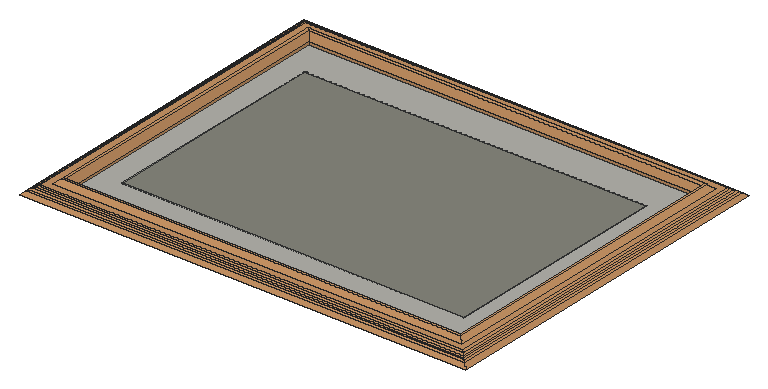
Revit family "00e7d020-5f29-47d1-b6b5-b1afe3fbaff5", category Furniture, host Face, Revit 2016
Family settings
  Host = Face
  OmniClass Number = 23.40.95.00
  OmniClass Title = Furnishings, Ornaments, and Decoration
  Cut with Voids When Loaded = No
  Shared = No
  Room Calculation Point = No
Parameters (values of type "31" x 39"")
  Width = 39"
  URL = "http://besafeprod.com/"
  Type Image = <None>
  Type Comments = ""
  Product Page URL = "http://besafeprod.com/product-catalog/art-frames"
  Product Documentation Link = "http://besafeprod.com/images/art-fram_profile.jpg"
  Notes = "Images include watermark. For clean images, contact Behavorial Safety Products"  # constant formula
  Model = "AF550"  # constant formula
  Mat Finish = Paper-BSP-White Mat
  Manufacturer = "Behavioral Safety Products"  # constant formula
  Keynote = ""
  Image Width = 30"
  Image Height = 20"
  Height = 31"
  Front Protection Finish = Polycarbonate-BSP-Clear
  Frame Finish = Wood-BSP-Cherry
  Description = "Ligature Resistant Art Frame"  # constant formula
  Depth = 1 1/8"  # constant formula
  Default Elevation = 54"
  Assembly Code = ""
  Art Selection = Image-41 : 20x30
  Art Note = "Frame 37x31 uses 16x20 Image, Frame 31x39 uses 20x30 Image, Frame 35x45 uses 24x36 Image"  # constant formula
Types (4): name | Width | Image Width | Image Height | Height | Art Selection
  (no name) | 45" | 36" | 24" | 35" | Image-41 : 24x36
  35" x 45" | 45" | 36" | 24" | 35" | Image-41 : 24x36
  31" x 39" | 39" | 30" | 20" | 31" | Image-41 : 20x30
  27" x 31" | 31" | 20" | 16" | 27" | Image-41 : 16x20
Reference planes (in)
  plane 1 "Center (Front/Back)": y = 10.5
  plane 2: z = 0
  plane 3 "Center (Left/Right)": x = -9.5
  plane 4: x = -29
  plane 5: x = 10
  plane 6: y = -5
  plane 7: y = 26
  plane 8: x = -24.5
  plane 9: x = 5.5
  plane 10: y = 0.5
  plane 11: y = 20.5
Forms (in)
  Sweep 1, solid, material "Wood-BSP-Cherry" <- "Frame Finish", detail levels medium+fine
    path origin (0, 0, 0) x (1, 0, 0) y (0, 1, 0)
      loop
        line (-29, 26) -> (-29, -5) -> (10, -5) -> (10, 26) -> (-29, 26)
    profile "Art_Frame-Profile : Art_Frame-Profile" origin (-9.5, 26, 0) x (0, 1, 0) y (0, 0, 1)
      loop
        line (0, 0) -> (-0.25, 0.3125) -> (-0.41399, 0.4034)
        arc (-0.41399, 0.4034) -> (-0.51102, 0.42173) -> (-0.57798, 0.4943) r 0.15721
        line (-0.57798, 0.4943) -> (-0.68731, 0.5549)
        arc (-0.68731, 0.5549) -> (-0.78434, 0.57323) -> (-0.8513, 0.64581) r 0.15721
        line (-0.8513, 0.64581) -> (-1.01529, 0.73671) -> (-1.57779, 0.73671) -> (-2.00232, 1.09293)
        arc (-2.00232, 1.09293) -> (-2.12273, 1.12128) -> (-2.21715, 1.04135) r 0.13742
        line (-2.21715, 1.04135) -> (-2.5, 0.375) -> (-2.5, 0.1875) -> (-2.25, 0.1875) -> (-2.25, 0) -> (0, 0)
  Extrusion 2, solid, material "Wood-BSP-Cherry" <- "Frame Finish", detail levels coarse
    sketch origin (0, 0, 0) x (1, 0, 0) y (0, 1, 0)
      loop
        line (-29, 26) -> (-29, -5) -> (10, -5) -> (10, 26) -> (-29, 26)
      loop
        line (-26.5, 23.5) -> (-26.5, -2.5) -> (7.5, -2.5) -> (7.5, 23.5) -> (-26.5, 23.5)
    from 0 to 1.125
  Extrusion 3, solid, material "Wood-BSP-Cherry" <- "Frame Finish", detail levels medium+fine
    sketch origin (0, 0, 0) x (1, 0, 0) y (0, 1, 0)
      loop
        line (-26.75, 23.75) -> (-26.75, -2.75) -> (7.75, -2.75) -> (7.75, 23.75) -> (-26.75, 23.75)
    from 0 to 0.0625
  Extrusion 4, solid, material "Paper-BSP-White Mat" <- "Mat Finish", detail levels medium+fine
    sketch origin (0, 0, 0) x (1, 0, 0) y (0, 1, 0)
      loop
        line (-26.75, 23.75) -> (-26.75, -2.75) -> (7.75, -2.75) -> (7.75, 23.75) -> (-26.75, 23.75)
      loop
        line (-24.5, 20.5) -> (-24.5, 0.5) -> (5.5, 0.5) -> (5.5, 20.5) -> (-24.5, 20.5)
    from 0.0625 to 0.09375
  Extrusion 5, solid, material "Polycarbonate-BSP-Clear" <- "Front Protection Finish"
    sketch origin (0, 0, 0) x (1, 0, 0) y (0, 1, 0)
      loop
        line (-26.75, 23.75) -> (-26.75, -2.75) -> (7.75, -2.75) -> (7.75, 23.75) -> (-26.75, 23.75)
    from 0.09375 to 0.1875
Lines and regions (in)
  Masking region 1, detail levels medium
    outline origin (0, 10.5, 0) x (1, 0, 0) y (0, 0, 1)
      loop
        line (-29, 0) -> (10, 0) -> (10, 1.125) -> (-29, 1.125) -> (-29, 0)
  Masking region 2, detail levels fine
    outline origin (0, 10.5, 0) x (1, 0, 0) y (0, 0, 1)
      loop
        line (-28.75, 0.3125) -> (-29, 0) -> (10, 0) -> (9.75, 0.3125) -> (9.58601, 0.4034)
        arc (9.58601, 0.4034) -> (9.48898, 0.42173) -> (9.42202, 0.4943) r 0.15721
        line (9.42202, 0.4943) -> (9.31269, 0.5549)
        arc (9.31269, 0.5549) -> (9.21566, 0.57323) -> (9.1487, 0.64581) r 0.15721
        line (9.1487, 0.64581) -> (8.98471, 0.73671) -> (8.42221, 0.73671) -> (7.99768, 1.09293)
        arc (7.99768, 1.09293) -> (7.87727, 1.12128) -> (7.78285, 1.04135) r 0.13742
        line (7.78285, 1.04135) -> (7.65354, 0.73671) -> (-26.65354, 0.73671) -> (-26.78285, 1.04135)
        arc (-26.78285, 1.04135) -> (-26.87727, 1.12128) -> (-26.99768, 1.09293) r 0.13742
        line (-26.99768, 1.09293) -> (-27.42221, 0.73671) -> (-27.98471, 0.73671) -> (-28.1487, 0.64581)
        arc (-28.1487, 0.64581) -> (-28.21566, 0.57323) -> (-28.31269, 0.5549) r 0.15721
        line (-28.31269, 0.5549) -> (-28.42202, 0.4943)
        arc (-28.42202, 0.4943) -> (-28.48898, 0.42173) -> (-28.58601, 0.4034) r 0.15721
        line (-28.58601, 0.4034) -> (-28.75, 0.3125)
  symbolic lines, style "Art Frame-Course", detail levels coarse
    curve 1: line (10, 10.5, 1.125) -> (-29, 10.5, 1.125)
Dimensions and locks (in)
  equal spacing: plane 7, plane 1 "Center (Front/Back)", plane 6
  "Height": plane 7 to plane 6
  equal spacing: plane 4, plane 3 "Center (Left/Right)", plane 5
  "Width": plane 4 to plane 5
  "Depth": Extrusion 2 to Extrusion 2
  locked: Extrusion 3 to Extrusion 3 at 0.0625
  equal spacing: plane 11, plane 1 "Center (Front/Back)", plane 10
  "Image Height": plane 11 to plane 10
  equal spacing: plane 8, plane 3 "Center (Left/Right)", plane 9
  "Image Width": plane 8 to plane 9
  locked: Extrusion 4 to Extrusion 4 at 0.03125
  aligned and locked: plane 2 to host face
  aligned and locked: level to host face
  aligned and locked: Sweep 1 sketch curve to plane 7
  aligned and locked: plane 4 to Sweep 1 sketch curve
  aligned and locked: plane 6 to Sweep 1 sketch curve
  aligned and locked: Sweep 1 sketch curve to plane 5
  aligned and locked: Extrusion 2 sketch curve to Sweep 1  (x6)
  aligned and locked: plane 6 to Extrusion 2 sketch curve
  aligned and locked: Extrusion 2 sketch curve to plane 5
  aligned and locked: Extrusion 3 sketch curve to Sweep 1  (x4)
  aligned and locked: Extrusion 3 to level
  aligned and locked: Extrusion 4 sketch curve to Sweep 1  (x4)
  aligned and locked: Extrusion 4 sketch curve to plane 11
  aligned and locked: plane 10 to Extrusion 4 sketch curve
  aligned and locked: Extrusion 5 sketch curve to Sweep 1  (x4)
  aligned and locked: Extrusion 5 to Sweep 1
  aligned and locked: curve 1 to Extrusion 2
  aligned and locked: plane 4 to curve 1
  aligned and locked: plane 5 to curve 1
  aligned and locked: Masking region 1 sketch curve to Sweep 1
  aligned and locked: Masking region 1 sketch curve to Extrusion 2  (x3)
  aligned and locked: Masking region 2 sketch curve to Sweep 1  (x16)
  aligned and locked: Sweep 1 to Masking region 2 sketch curve  (x3)
  aligned and locked: host face to Masking region 2 sketch curve
  aligned and locked: plane 3 "Center (Left/Right)" to nested 1
  aligned and locked: plane 1 "Center (Front/Back)" to nested 1
  aligned and locked: Extrusion 4 to nested 1
Automatic sketch dimensions
  host sketch curve to host sketch curve = 96"  (x2)
  level to curve 1 = 1 1/8"
  Masking region 2 sketch curve to Masking region 2 sketch curve = 0.1265"
  Masking region 2 sketch curve to Masking region 2 sketch curve = 0.42453"
  level to Masking region 2 sketch curve = 1.04135"
  Masking region 2 sketch curve to Masking region 2 sketch curve = 0.08833"
  Masking region 2 sketch curve to Masking region 2 sketch curve = 0.12931"
  Masking region 2 sketch curve to Masking region 2 sketch curve = 0.35622"
  Extrusion 4 sketch curve to plane 8 = 0"
  Extrusion 4 sketch curve to plane 9 = 0"
  plane 4 to Extrusion 4 sketch curve = 2 1/4"
Nested families (in)
  nested 1: "Image-41" at (-9.5, 10.5, 0.0625), type <- "Art Selection", type "20x30", detail levels medium+fine
Definition of nested family "Image-41"
  Parameters
    Width = 30"
    Image = none
    Height = 20"
  Reference planes (in)
    plane 1 "Center (Front/Back)": y = 0
    plane 2: z = 0
    plane 3 "Center (Left/Right)": x = 0
    plane 4: x = -15
    plane 5: x = 15
    plane 6: y = 10
    plane 7: y = -10
  Forms (in)
    Extrusion 1, solid, material <- "Image"
      sketch origin (0, 0, 0) x (1, 0, 0) y (0, 1, 0)
        loop
          line (-15, 10) -> (-15, -10) -> (15, -10) -> (15, 10) -> (-15, 10)
      from 0 to 0.03125
  Dimensions and locks (in)
    equal spacing: plane 6, plane 1 "Center (Front/Back)", plane 7
    "Height": plane 6 to plane 7
    equal spacing: plane 4, plane 3 "Center (Left/Right)", plane 5
    "Width": plane 4 to plane 5
    locked: Extrusion 1 to Extrusion 1 at 0.03125
    aligned and locked: plane 2 to level
    aligned and locked: Extrusion 1 sketch curve to plane 6
    aligned and locked: plane 4 to Extrusion 1 sketch curve
    aligned and locked: plane 7 to Extrusion 1 sketch curve
    aligned and locked: Extrusion 1 sketch curve to plane 5
